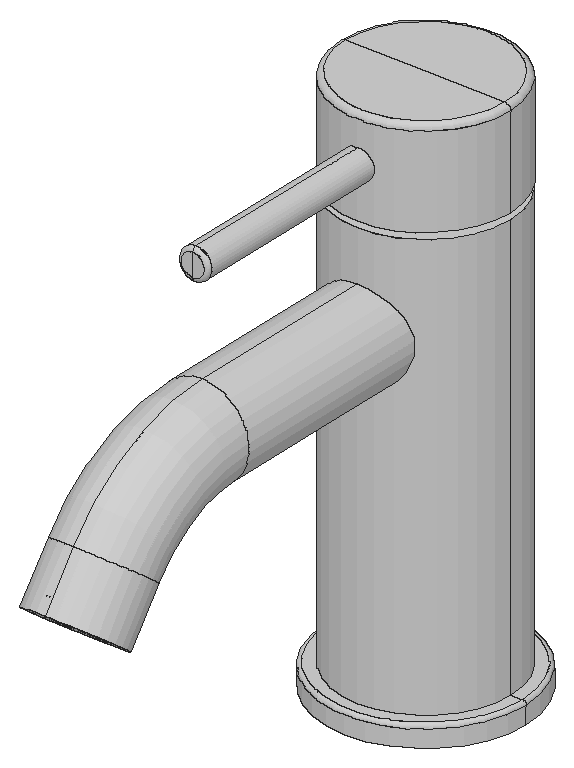
Revit family "Minimalist MK2 Basin Mixer Chrome", category Specialty Equipment, host Face, Revit 2019
Family settings
  Host = Face
  Round Connector Dimension = Use Radius
  Part Type = Normal
  OmniClass Number = 23.45.55.17
  OmniClass Title = Mixing Faucets
  Cut with Voids When Loaded = No
  Shared = No
  Room Calculation Point = No
Parameters (values of type "Minimalist MK2 Basin Mixer Chrome")
  URL = "https://www.methven.com/"
  Model = "MNBCP"
  Material_Spray = GWA-Plastic-General
  Material_Base = GWA_Metal-Chrome
  Manufacturer = "GWA Bathrooms & Kitchens"  # constant formula
  Description = "Minimalist MK2 Basin Mixer Chrome"
  Default Elevation = 1000 mm
  CreatedBy_ANZRS = "GWA Bathrooms & Kitchens"  # constant formula
  Assembly Code = "C1030220"
Reference planes
  plane 1 "Center (Front/Back)": y = 0
  plane 2: z = 0
  plane 3 "Center (Left/Right)": x = 0
Forms (mm)
  Revolve 1, solid, material "GWA_Metal-Chrome" <- "Material_Base"
    sketch origin (0, 0, 0) x (1, 0, 0) y (0, 0, 1)
      loop
        line (0, 0) -> (26, 0) -> (26, 4.5)
        arc (26, 4.5) -> (25.707, 5.207) -> (25, 5.5) r 1
        line (25, 5.5) -> (0, 5.5) -> (0, 0)
      axis (0, 0) -> (0, 5.5)
    angle from 0 to 360
  Extrusion 2, solid, material "GWA_Metal-Chrome" <- "Material_Base"
    sketch origin (0, 0, 0) x (1, 0, 0) y (0, 1, 0)
      loop
        circle (0, 0) r 22
    from 5.5 to 115.5
  Revolve 3, solid, material "GWA_Metal-Chrome" <- "Material_Base"
    sketch origin (0, 0, 0) x (1, 0, 0) y (0, 0, 1)
      loop
        line (0, 113.201) -> (17.5, 113.201) -> (17.5, 115.201)
        arc (17.5, 115.201) -> (9.283, 119.804) -> (0, 121.4) r 27.8
        line (0, 121.4) -> (0, 113.201)
      axis (0, 121.4) -> (0, 113.201)
    angle from 0 to 360
  Revolve 4, solid, material "GWA_Metal-Chrome" <- "Material_Base"
    sketch origin (0, 0, 0.5) x (1, 0, 0) y (0, 0, 1)
      loop
        line (0, 116.6) -> (22, 116.6) -> (22, 140.1)
        arc (22, 140.1) -> (21.561, 141.161) -> (20.5, 141.6) r 1.5
        line (20.5, 141.6) -> (0, 141.6) -> (0, 116.6)
      axis (0, 116.6) -> (0, 141.6)
    angle from 0 to 360
  Revolve 5, solid, material "GWA_Metal-Chrome" <- "Material_Base"
    sketch origin (0, 0, 0.5) x (0, 1, 0) y (0, 0, 1)
      loop
        line (-75, 129.6) -> (0, 129.6) -> (0, 133.6) -> (-74, 133.6)
        arc (-74, 133.6) -> (-74.707, 133.307) -> (-75, 132.6) r 1
        line (-75, 132.6) -> (-75, 129.6)
      axis (-75, 129.6) -> (0, 129.6)
    angle from 0 to 360
  Sweep 6, solid, material "GWA_Metal-Chrome" <- "Material_Base"
    path origin (0, 0, 0) x (0, 1, 0) y (0, 0, 1)
      loop
        line (0, 90.5) -> (-71.957, 90.5)
        arc (-71.957, 90.5) -> (-89.805, 86.297) -> (-103.903, 74.573) r 40
        line (-103.903, 74.573) -> (-113, 62.5)
    profile origin (0, -35.979, 90.5) x (0, 0, -1) y (1, 0, 0)
      loop
        circle (0, 0) r 12
  Extrusion 7, void
    sketch origin (0, -10.887, -14.448) x (0, -0.798636, 0.601815) y (1, 0, 0)
      loop
        circle (127.859, 0) r 9.5
    from 4 to -4
Cuts and joins
  joined: Revolve 4, Revolve 5
  Extrusion 7 cuts Sweep 6
  joined: Extrusion 2, Sweep 6
Lines and regions (mm)
  Masking region 1
    outline origin (0, 0, 0) x (1, 0, 0) y (0, 1, 0)
      loop
        arc (12, -23.065) -> (0, 26) -> (-12, -23.065) r 26
        line (-12, -23.065) -> (-12, -113)
        spline (-12, -113) -> (-11.897, -114.251) -> (-11.591, -115.48) -> (-11.087, -116.667) -> (-10.392, -117.792) -> (-9.52, -118.834) -> (-8.485, -119.777) -> (-7.305, -120.603) -> (-6, -121.3) -> (-4.592, -121.854) -> (-3.106, -122.257) -> (-1.566, -122.502) -> (0, -122.584)
        spline (0, -122.584) -> (1.566, -122.502) -> (3.106, -122.257) -> (4.592, -121.854) -> (6, -121.3) -> (7.305, -120.603) -> (8.485, -119.777) -> (9.52, -118.834) -> (10.392, -117.792) -> (11.087, -116.667) -> (11.591, -115.48) -> (11.897, -114.251) -> (12, -113)
        line (12, -113) -> (12, -23.065)
  Masking region 2
    outline origin (0, 0, 0) x (0, 1, 0) y (0, 0, 1)
      loop
        line (-22, 5.5) -> (-25, 5.5)
        arc (-25, 5.5) -> (-25.707, 5.207) -> (-26, 4.5) r 1
        line (-26, 4.5) -> (-26, 0) -> (26, 0) -> (26, 4.5)
        arc (26, 4.5) -> (25.707, 5.207) -> (25, 5.5) r 1
        line (25, 5.5) -> (22, 5.5) -> (22, 115.5) -> (17.124, 115.5)
        arc (17.124, 115.5) -> (16.008, 116.328) -> (14.852, 117.1) r 27.8
        line (14.852, 117.1) -> (22, 117.1) -> (22, 140.6)
        arc (22, 140.6) -> (21.561, 141.661) -> (20.5, 142.1) r 1.5
        line (20.5, 142.1) -> (-20.5, 142.1)
        arc (-20.5, 142.1) -> (-21.561, 141.661) -> (-22, 140.6) r 1.5
        line (-22, 140.6) -> (-22, 134.1) -> (-74, 134.1)
        arc (-74, 134.1) -> (-74.707, 133.807) -> (-75, 133.1) r 1
        line (-75, 133.1) -> (-75, 127.1)
        arc (-75, 127.1) -> (-74.707, 126.393) -> (-74, 126.1) r 1
        line (-74, 126.1) -> (-22, 126.1) -> (-22, 117.1) -> (-14.852, 117.1)
        arc (-14.852, 117.1) -> (-16.008, 116.328) -> (-17.124, 115.5) r 27.8
        line (-17.124, 115.5) -> (-22, 115.5) -> (-22, 102.5) -> (-71.957, 102.5)
        arc (-71.957, 102.5) -> (-95.16, 97.037) -> (-113.486, 81.794) r 52
        line (-113.486, 81.794) -> (-122.584, 69.722) -> (-103.416, 55.278) -> (-94.319, 67.351)
        arc (-94.319, 67.351) -> (-84.451, 75.558) -> (-71.957, 78.5) r 28
        line (-71.957, 78.5) -> (-22, 78.5) -> (-22, 5.5)
  Masking region 3
    outline origin (0, 0, 0) x (1, 0, 0) y (0, 0, 1)
      loop
        line (-17.124, 115.5) -> (-22, 115.5) -> (-22, 5.5) -> (-25, 5.5)
        arc (-25, 5.5) -> (-25.707, 5.207) -> (-26, 4.5) r 1
        line (-26, 4.5) -> (-26, 0) -> (26, 0) -> (26, 4.5)
        arc (26, 4.5) -> (25.707, 5.207) -> (25, 5.5) r 1
        line (25, 5.5) -> (22, 5.5) -> (22, 115.5) -> (17.124, 115.5)
        arc (17.124, 115.5) -> (16.008, 116.328) -> (14.852, 117.1) r 27.8
        line (14.852, 117.1) -> (22, 117.1) -> (22, 140.6)
        arc (22, 140.6) -> (21.561, 141.661) -> (20.5, 142.1) r 1.5
        line (20.5, 142.1) -> (-20.5, 142.1)
        arc (-20.5, 142.1) -> (-21.561, 141.661) -> (-22, 140.6) r 1.5
        line (-22, 140.6) -> (-22, 117.1) -> (-14.852, 117.1)
        arc (-14.852, 117.1) -> (-16.008, 116.328) -> (-17.124, 115.5) r 27.8
  symbolic lines
    curve 1: arc (12, -23.065, 0) -> (0, 26, 0) -> (-12, -23.065, 0) r 26
    curve 2: circle (0, 0, 0) r 22 normal (0, 0, 1)
    curve 3: spline (12, -113, 0) -> (11.897, -114.251, 0) -> (11.591, -115.48, 0) -> (11.087, -116.667, 0) -> (10.392, -117.792, 0) -> (9.52, -118.834, 0) -> (8.485, -119.777, 0) -> (7.305, -120.603, 0) -> (6, -121.3, 0) -> (4.592, -121.854, 0) -> (3.106, -122.257, 0) -> (1.566, -122.502, 0) -> (0, -122.584, 0)
    curve 4: spline (0, -122.584, 0) -> (-1.566, -122.502, 0) -> (-3.106, -122.257, 0) -> (-4.592, -121.854, 0) -> (-6, -121.3, 0) -> (-7.305, -120.603, 0) -> (-8.485, -119.777, 0) -> (-9.52, -118.834, 0) -> (-10.392, -117.792, 0) -> (-11.087, -116.667, 0) -> (-11.591, -115.48, 0) -> (-11.897, -114.251, 0) -> (-12, -113, 0)
    curve 5: line (4, -21.633, 0) -> (4, -74, 0)
    curve 6: line (-4, -21.633, 0) -> (-4, -74, 0)
    curve 7: line (12, -18.439, 0) -> (12, -113, 0)
    curve 8: line (-12, -18.439, 0) -> (-12, -113, 0)
    curve 9: line (-3, -75, 0) -> (3, -75, 0)
    curve 10: arc (-4, -74, 0) -> (-3.707, -74.707, 0) -> (-3, -75, 0) r 1
    curve 11: arc (3, -75, 0) -> (3.707, -74.707, 0) -> (4, -74, 0) r 1
    curve 12: line (0, -26, 0) -> (0, -26, 4.5)
    curve 13: line (0, -25, 5.5) -> (0, 25, 5.5)
    curve 14: line (0, 26, 4.5) -> (0, 26, 0)
    curve 15: line (0, 26, 0) -> (0, -26, 0)
    curve 16: line (0, -22, 115.5) -> (0, -22, 102.5)
    curve 17: line (0, -22, 117.1) -> (0, 22, 117.1)
    curve 18: line (0, -22, 117.1) -> (0, -22, 126.1)
    curve 19: line (0, -20.5, 142.1) -> (0, 20.5, 142.1)
    curve 20: line (0, 22, 115.5) -> (0, 22, 5.5)
    curve 21: line (0, 22, 117.1) -> (0, 22, 140.6)
    curve 22: arc (0, -22, 140.6) -> (0, -21.561, 141.661) -> (0, -20.5, 142.1) r 1.5
    curve 23: arc (0, 20.5, 142.1) -> (0, 21.561, 141.661) -> (0, 22, 140.6) r 1.5
    curve 24: line (0, -22, 115.5) -> (0, 22, 115.5)
    curve 25: line (0, -22, 134.1) -> (0, -74, 134.1)
    curve 26: line (0, -22, 126.1) -> (0, -74, 126.1)
    curve 27: line (0, -75, 133.1) -> (0, -75, 127.1)
    curve 28: arc (0, -94.319, 67.351) -> (0, -84.451, 75.558) -> (0, -71.957, 78.5) r 28
    curve 29: arc (0, -113.486, 81.794) -> (0, -95.16, 97.037) -> (0, -71.957, 102.5) r 52
    curve 30: line (0, -122.584, 69.722) -> (0, -113.486, 81.794)
    curve 31: line (0, -103.416, 55.278) -> (0, -94.319, 67.351)
    curve 32: line (0, -22, 102.5) -> (0, -71.957, 102.5)
    curve 33: line (0, -22, 78.5) -> (0, -71.957, 78.5)
    curve 34: arc (0, -17.124, 115.5) -> (0, -16.008, 116.328) -> (0, -14.852, 117.1) r 27.8
    curve 35: arc (0, -75, 133.1) -> (0, -74.707, 133.807) -> (0, -74, 134.1) r 1
    curve 36: arc (0, -75, 127.1) -> (0, -74.707, 126.393) -> (0, -74, 126.1) r 1
    curve 37: arc (0, 14.852, 117.1) -> (0, 16.008, 116.328) -> (0, 17.124, 115.5) r 27.8
    curve 38: line (0, -122.584, 69.722) -> (0, -103.416, 55.278)
    curve 39: arc (0, -22, 102.5) -> (0, -18.439, 90.5) -> (0, -22, 78.5) r 22
    curve 40: arc (0, -22, 134.1) -> (0, -21.633, 130.1) -> (0, -22, 126.1) r 22
    curve 41: line (0, -22, 134.1) -> (0, -22, 140.6)
    curve 42: line (0, -22, 78.5) -> (0, -22, 5.5)
    curve 43: arc (0, -26, 4.5) -> (0, -25.707, 5.207) -> (0, -25, 5.5) r 1
    curve 44: arc (0, 25, 5.5) -> (0, 25.707, 5.207) -> (0, 26, 4.5) r 1
    curve 45: line (-26, 0, 0) -> (-26, 0, 4.5)
    curve 46: line (-25, 0, 5.5) -> (25, 0, 5.5)
    curve 47: line (26, 0, 4.5) -> (26, 0, 0)
    curve 48: line (26, 0, 0) -> (-26, 0, 0)
    curve 49: line (-22, 0, 5.5) -> (-22, 0, 115.5)
    curve 50: line (22, 0, 5.5) -> (22, 0, 115.5)
    curve 51: line (-22, 0, 117.1) -> (-22, 0, 140.6)
    curve 52: line (-20.5, 0, 142.1) -> (20.5, 0, 142.1)
    curve 53: line (22, 0, 140.6) -> (22, 0, 117.1)
    curve 54: line (22, 0, 117.1) -> (-22, 0, 117.1)
    curve 55: circle (0, 0, 130.1) r 4 normal (0, -1, 0)
    curve 56: arc (-12, 0, 90.5) -> (-8.485, 0, 98.985) -> (0, 0, 102.5) r 12
    curve 57: arc (0, 0, 102.5) -> (8.485, 0, 98.985) -> (12, 0, 90.5) r 12
    curve 58: spline (0, 0, 55.278) -> (3.106, 0, 55.524) -> (6, 0, 56.246) -> (8.485, 0, 57.393) -> (10.392, 0, 58.889) -> (11.591, 0, 60.631) -> (12, 0, 62.5) -> (11.591, 0, 64.369) -> (10.392, 0, 66.111) -> (8.485, 0, 67.607) -> (6, 0, 68.754) -> (3.106, 0, 69.476) -> (0, 0, 69.722)
    curve 59: spline (0, 0, 69.722) -> (-3.106, 0, 69.476) -> (-6, 0, 68.754) -> (-8.485, 0, 67.607) -> (-10.392, 0, 66.111) -> (-11.591, 0, 64.369) -> (-12, 0, 62.5) -> (-11.591, 0, 60.631) -> (-10.392, 0, 58.889) -> (-8.485, 0, 57.393) -> (-6, 0, 56.246) -> (-3.106, 0, 55.524) -> (0, 0, 55.278)
    curve 60: spline (0, 0, 56.783) -> (-2.459, 0, 56.978) -> (-4.75, 0, 57.549) -> (-6.718, 0, 58.457) -> (-8.227, 0, 59.641) -> (-9.176, 0, 61.02) -> (-9.5, 0, 62.5) -> (-9.176, 0, 63.98) -> (-8.227, 0, 65.359) -> (-6.718, 0, 66.543) -> (-4.75, 0, 67.451) -> (-2.459, 0, 68.022) -> (0, 0, 68.217)
    curve 61: spline (0, 0, 68.217) -> (2.459, 0, 68.022) -> (4.75, 0, 67.451) -> (6.718, 0, 66.543) -> (8.227, 0, 65.359) -> (9.176, 0, 63.98) -> (9.5, 0, 62.5) -> (9.176, 0, 61.02) -> (8.227, 0, 59.641) -> (6.718, 0, 58.457) -> (4.75, 0, 57.549) -> (2.459, 0, 56.978) -> (0, 0, 56.783)
    curve 62: spline (0, 0, 59.977) -> (1.017, 0, 60.01) -> (2.023, 0, 60.108) -> (3.006, 0, 60.271) -> (3.954, 0, 60.496) -> (4.856, 0, 60.781) -> (5.702, 0, 61.122) -> (6.483, 0, 61.516) -> (7.19, 0, 61.958) -> (7.813, 0, 62.443) -> (8.347, 0, 62.965) -> (8.785, 0, 63.519) -> (9.122, 0, 64.097)
    curve 63: spline (-9.122, 0, 64.097) -> (-8.785, 0, 63.519) -> (-8.347, 0, 62.965) -> (-7.813, 0, 62.443) -> (-7.19, 0, 61.958) -> (-6.483, 0, 61.516) -> (-5.702, 0, 61.122) -> (-4.856, 0, 60.781) -> (-3.954, 0, 60.496) -> (-3.006, 0, 60.271) -> (-2.023, 0, 60.108) -> (-1.017, 0, 60.01) -> (0, 0, 59.977)
    curve 64: line (12, 0, 62.5) -> (12, 0, 90.5)
    curve 65: line (-12, 0, 62.5) -> (-12, 0, 90.5)
    curve 66: line (22, 0, 115.5) -> (-22, 0, 115.5)
    curve 67: arc (-25, 0, 5.5) -> (-25.707, 0, 5.207) -> (-26, 0, 4.5) r 1
    curve 68: arc (25, 0, 5.5) -> (25.707, 0, 5.207) -> (26, 0, 4.5) r 1
    curve 69: arc (-22, 0, 140.6) -> (-21.561, 0, 141.661) -> (-20.5, 0, 142.1) r 1.5
    curve 70: arc (20.5, 0, 142.1) -> (21.561, 0, 141.661) -> (22, 0, 140.6) r 1.5
    curve 71: arc (-17.124, 0, 115.5) -> (-16.008, 0, 116.328) -> (-14.852, 0, 117.1) r 27.8
    curve 72: arc (14.852, 0, 117.1) -> (16.008, 0, 116.328) -> (17.124, 0, 115.5) r 27.8
Dimensions and locks
  aligned and locked: plane 2 to host face
  aligned and locked: level to host face
Connectors
  piping at (-10, 0, 0), diameter 20
    settings: index 1, connector inside diameter 609.6 mm, connector length 0 mm, flow factor 0, pipe flow 0.0 L/s, pressure drop 0.0 Pa, fitting loss kfactor 0, connector angle 0.00°, fixture units 0, engagement length 0 mm, angle of deflection 0.00°, flow configuration 3, flow direction 1, fitting loss method 0, system type 19, joint type 0, gender type 0, connector reference index -1, connector utility 0, adjustable connector no, is connector primary yes, connector description ""
  piping at (10, 0, 0), diameter 20
    settings: index 2, connector inside diameter 609.6 mm, connector length 0 mm, flow factor 0, pipe flow 0.0 L/s, pressure drop 0.0 Pa, fitting loss kfactor 0, connector angle 0.00°, fixture units 0, engagement length 0 mm, angle of deflection 0.00°, flow configuration 3, flow direction 1, fitting loss method 0, system type 20, joint type 0, gender type 0, connector reference index -1, connector utility 0, adjustable connector no, is connector primary no, connector description ""
